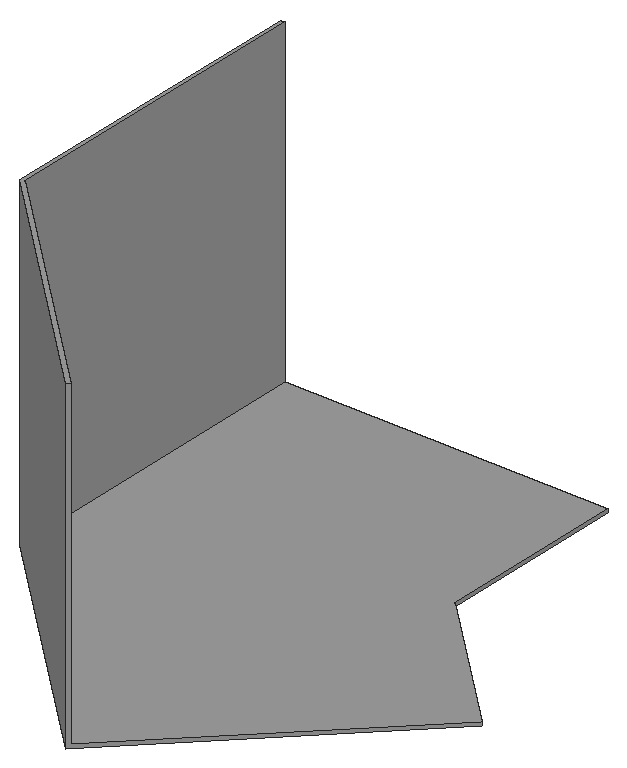
Revit family "Flashing_Preformed_Hyload_Inside135", category Generic Models, Revit 2014
Parameters (values of type "As Specified")
  Unit Width = 0' - 6"
  Unit Height = 0' - 6"
  Unit Depth = 0' - 6"
  URL = "http://www.hyload.com/"
  Thickness = 0' - 0 1/16"
  Specification = "http://www.arcat.com/sdspecs/htm04/07_65_00hyl.htm"
  Sales Information = "http://www.hyload.com/contact-us"
  Revision = "R1_12-2015"
  Product Properties = "http://www.hyload.com/masonry-flashing/preformed-shapes/"
  Product Data = "http://www.arcat.com/arcatcos/cos33/arc33176.html"
  Model = "Inside Corner (135)"
  Manufacturer Website = "http://www.hyload.com/"
  Manufacturer Phone - Toll Free = "800-457-4056"
  Manufacturer Phone = "330-769-3546"
  Manufacturer Fax = "330-769-4153"
  Manufacturer Address = "5020 Panther Pkwy., Seville, OH 44273"
  Manufacturer = "Hyload"
  Keynote = "07 65 00"
  Flashing Material = Hyload Flashing Membrane - Grey
  Drawn By = "Robert S. Weygant / Sumex Design"
  Description = "Preformed Hyload Masonry Flashing - Inside Corner (135)"
  Copyright = "(c) ARCAT, Inc, 2015"
  Construction Details = "http://www.arcat.com/details/hyload/hyload.html?coid=33176"
  Assembly Code = "B3010400"
Reference planes (in)
  plane 1 "Center (Front/Back)": y = 0
  plane 2: z = 0
  plane 3 "Center (Left/Right)": x = 0
  plane 4: y = 6
  plane 5: x = 6
  plane 6: z = 6
Forms (in)
  Extrusion 1, solid, material "Hyload Flashing Membrane - Grey" <- "Flashing Material"
    sketch origin (0, 0, 0) x (1, 0, 0) y (0, 1, 0)
      loop
        line (0, 6) -> (0, 0) -> (4.24264, -4.24264) -> (8.48528, 0) -> (6, 2.48528) -> (6, 6) -> (0, 6)
    from 0 to 0.0625 <- "Thickness"
  Extrusion 2, solid, material "Hyload Flashing Membrane - Grey" <- "Flashing Material"
    sketch origin (0, 0, 0) x (1, 0, 0) y (0, 1, 0)
      loop
        line (0, 6) -> (0, 0) -> (4.24264, -4.24264) -> (4.28683, -4.19845) -> (0.0625, 0.02589) -> (0.0625, 6) -> (0, 6)
    from 0 to 6 <- "Unit Height"
Cuts and joins
  joined: Extrusion 1, Extrusion 2
Dimensions and locks (in)
  "Unit Depth": plane 1 "Center (Front/Back)" to plane 4
  "Unit Width": plane 3 "Center (Left/Right)" to plane 5
  "Unit Height": plane 6 to level
  "Thickness": plane 3 "Center (Left/Right)" to Extrusion 2 sketch curve
  "Unit Depth": Extrusion 2 sketch curve to Extrusion 2 sketch curve
  "Thickness": Extrusion 2 sketch curve to Extrusion 2 sketch curve
  aligned and locked: plane 2 to level
  aligned and locked: Extrusion 1 sketch curve to plane 4
  aligned and locked: plane 3 "Center (Left/Right)" to Extrusion 1 sketch curve
  aligned and locked: Extrusion 1 sketch curve to plane 5
  aligned and locked: plane 4 to Extrusion 2 sketch curve
  aligned and locked: Extrusion 2 sketch curve to plane 3 "Center (Left/Right)"
  aligned and locked: Extrusion 2 to level
Automatic sketch dimensions
  plane 1 "Center (Front/Back)" to Extrusion 2 sketch curve = 0' - 0"
  Extrusion 2 sketch curve to Extrusion 2 sketch curve = 0' - 0.04419"
  plane 1 "Center (Front/Back)" to Extrusion 1 sketch curve = 0' - 0"  (x2)
  Extrusion 1 sketch curve to plane 5 = 0' - 1.75736"
  plane 5 to Extrusion 1 sketch curve = 0' - 2.48528"
